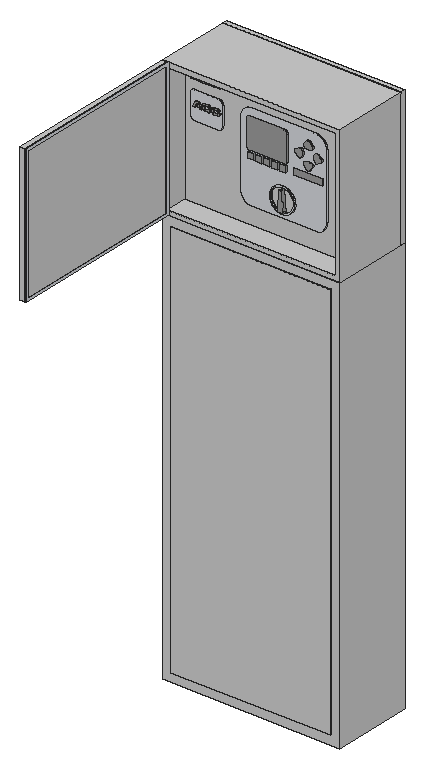
Revit family "HUNTER_ACC-1200 Metal Pedestal", category Electrical Equipment, Revit 2017
Family settings
  Panel Configuration = One Column
  Round Connector Dimension = Use Diameter
  Part Type = Panelboard
  OmniClass Number = 23.35.25.21
  Work Plane-Based = Yes
  Always vertical = Yes
  Cut with Voids When Loaded = No
  Shared = Yes
  Room Calculation Point = No
Parameters (values of type "ACC-1200 with ACC-PED")
  Up [instance] = yes
  URL = "https://www.hunterindustries.com/irrigation-product/controllers/acc"
  Type Image = <None>
  Type Comments = "Hunter’s Flagship Controller"
  Transformer Output = "24VAC, 4.0A"  # constant formula
  Stations = "12 Stations base count expandable to 42 Stations"
  Sensor Input = "4 + Flow"  # constant formula
  Pump/Master Valve Contacts = "2, normally closed"  # constant formula
  Protection Rating = "IP56"
  Power Factor = 1
  Power = Current * Input Voltage  # 240 VA
  Pedestal Material = Hunter® Metal Grey
  Panel Type = "Modular"
  Panel Name [instance] = "ACC with ACC-PED"
  Output Voltage = 24 V
  Number of Sensor Inputs = "4+ Dedicated Flow Input"
  built-in parameter 1140081 [instance] = "Pedestal Mounted Controller"
  Model = "ACC-1200 / ACC-1800 / ACC-2400 / ACC-3000 / ACC-3600 / ACC-4200 with ACC-PED"
  Manufacturer = "Hunter® Industries"
  Keynote = "328423.04"
  Input Voltage = 120 V
  Expansion Module = "A2M-600 (6 Stations plug-in) Expansion Module"
  built-in parameter 1140083 [instance] = "Grey Powder Coated Metal Enclosure with Metal Pedestal"
  Down [instance] = yes
  Description = "12-Station base unit , Pedestal mounted controller, expandable to 42 stations, with Metal enclsoure and pedestal"
  Default Elevation = 1219.2 mm
  Decoders = "Expandable Up to 99 with Decoders"
  Current = if(Input Voltage = 120 V, 2 A, 1 A)  # 2 A
  Assembly Code = "D5090900"
  ACC-1200-SS = no
  ACC-1200 = yes
Types (2, lengths in mm): name | Pedestal Material | Panel Name | Model | built-in parameter 1140083 | Description | ACC-1200-SS | ACC-1200
  ACC-1200 with ACC-PED | Hunter® Metal Grey | "ACC with ACC-PED" | "ACC-1200 / ACC-1800 / ACC-2400 / ACC-3000 / ACC-3600 / ACC-4200 with ACC-PED" | "Grey Powder Coated Metal Enclosure with Metal Pedestal" | "12-Station base unit , Pedestal mounted controller, expandable to 42 stations, with Metal enclsoure and pedestal" | no | yes
  ACC-1200-SS with PED-SS | Hunter® Stainless Steel | "ACC-SS with PED-SS" | "ACC-1200-SS / ACC-1800-SS / ACC- 2400-SS / ACC-3000-SS / ACC-3600-SS / ACC-4200-SS with PED-SS" | "1.45mm Gauge / Corrosion Resistant / Stainless Steel Enclosure with Stainless Steel Pedestal" | "12-Station base unit , Pedestal mounted controller, expandable to 42 stations, with Stainless steel enclosure and pedestal" | yes | no
Reference planes
  plane 1 "Center (Front/Back)": y = 0
  plane 2: z = 0
  plane 3 "Center (Left/Right)": x = 0
Forms (mm)
  Extrusion 1, solid, material "Hunter® Metal Grey" <- "Pedestal Material"
    sketch origin (0, 0, 0) x (1, 0, 0) y (0, 1, 0)
      loop
        line (-197, 0) -> (-197, -178) -> (197, -178) -> (197, 0) -> (-197, 0)
    from 0 to 925
  Extrusion 2, solid, material "Hunter® Metal Grey" <- "Pedestal Material"
    sketch origin (187, -178, 0) x (-1, 0, 0) y (0, 0, -1)
      loop
        line (10, -905) -> (364, -905) -> (364, -20) -> (10, -20) -> (10, -905)
    from 0 to 2
  Extrusion 3, solid
    sketch origin (15, 0, 0) x (1, 0, 0) y (0, 1, 0)
      loop
        circle (-153.688, -89.35) r 12.5
      loop
        circle (-118.688, -89.35) r 12.5
      loop
        circle (-83.688, -89.35) r 12.5
      loop
        circle (46.312, -89.35) r 25
      loop
        circle (116.312, -89.35) r 25
    from -29.534 to 20
Dimensions and locks
  aligned and locked: level to plane 2
Nested families
  nested 1: "Console" at (0, 0, 1076.9) x (1, 0, 0) z (0, -1, 0), type "Console"
    with built-in parameter 1140081 "Wall", Max #1 Pole Breakers 0
  nested 2: "HUNTER ACC SYMBOL" at (0, -100, 0) x (-1, 0, 0) z (0, 0, 1), visible <- "Down", type "SYMBOL"
    with ACC2 no, ACC yes
  nested 3: "HUNTER ACC SYMBOL" at (0, -191.189, 0) x (-1, 0, 0) z (0, 0, 1), visible <- "Up", type "SYMBOL"
    with ACC2 no, ACC yes
Connectors
  cabletrayconduit at (-138.688, -89.35, -29.534), diameter 25
    settings: on Extrusion 3, index 1, connector width 300 mm, connector height 300 mm, connector angle 0.00°, system type 32, placement type 0, profile type 0, connector reference index -1, is primary connector yes, connector utility param no, connector description ""
  cabletrayconduit at (-103.688, -89.35, -29.534), diameter 25
    settings: on Extrusion 3, index 2, connector width 300 mm, connector height 300 mm, connector angle 0.00°, system type 32, placement type 0, profile type 0, connector reference index -1, is primary connector no, connector utility param no, connector description ""
  cabletrayconduit at (-68.688, -89.35, -29.534), diameter 25
    settings: on Extrusion 3, index 3, connector width 300 mm, connector height 300 mm, connector angle 0.00°, system type 32, placement type 0, profile type 0, connector reference index -1, is primary connector no, connector utility param no, connector description ""
  cabletrayconduit at (61.312, -89.35, -29.534), diameter 50
    settings: on Extrusion 3, index 4, connector width 300 mm, connector height 300 mm, connector angle 0.00°, system type 32, placement type 0, profile type 0, connector reference index -1, is primary connector no, connector utility param no, connector description ""
  cabletrayconduit at (131.312, -89.35, -29.534), diameter 50
    settings: on Extrusion 3, index 5, connector width 300 mm, connector height 300 mm, connector angle 0.00°, system type 32, placement type 0, profile type 0, connector reference index -1, is primary connector no, connector utility param no, connector description ""
  electrical at (-138.688, -89.35, -29.534), driven by "Output Voltage", driven by "Power", driven by "Power Factor"
    settings: on Extrusion 3, index 6, voltage 24 V, apparent load 240 VA, apparent load phase1 0 VA, apparent load phase2 0 VA, apparent load phase3 0 VA, power factor 1, load classification "Power", number of poles 1, system type 30, power factor state 1, is connector primary yes, connector utility no, sub classification motor no, connector description "Transformer Input"
  electrical at (-103.688, -89.35, -29.534)
    settings: on Extrusion 3, index 7, voltage 0 V, apparent load 0 VA, apparent load phase1 0 VA, apparent load phase2 0 VA, apparent load phase3 0 VA, power factor 1, load classification "Other", number of poles 1, system type 14, power factor state 1, is connector primary no, connector utility no, sub classification motor no, connector description "Flow"
  electrical at (-68.688, -89.35, -29.534)
    settings: on Extrusion 3, index 8, voltage 0 V, apparent load 0 VA, apparent load phase1 0 VA, apparent load phase2 0 VA, apparent load phase3 0 VA, power factor 1, load classification "Other", number of poles 1, system type 14, power factor state 1, is connector primary no, connector utility no, sub classification motor no, connector description "RC Sensor"
  electrical at (61.312, -89.35, -29.534), driven by "Output Voltage"
    settings: on Extrusion 3, index 9, voltage 24 V, apparent load 7.68 VA, apparent load phase1 0 VA, apparent load phase2 0 VA, apparent load phase3 0 VA, power factor 1, load classification "Other", number of poles 1, system type 30, power factor state 1, is connector primary no, connector utility no, sub classification motor no, connector description "P/M1"
  electrical at (131.312, -89.35, -29.534), driven by "Output Voltage"
    settings: on Extrusion 3, index 10, voltage 24 V, apparent load 7.68 VA, apparent load phase1 0 VA, apparent load phase2 0 VA, apparent load phase3 0 VA, power factor 1, load classification "Other", number of poles 1, system type 30, power factor state 1, is connector primary no, connector utility no, sub classification motor no, connector description "P/M2"
Definition of nested family "Console"
  Parameters (values of type "Console")
    Width = 394 mm
    Voltage = "120"
    URL = "https://www.hunterindustries.com/irrigation-product/controllers/acc"
    Type Comments = "Hunter's Flagship Controller"
    Sensor Inputs = "4 + Flow"
    Pump/Master Valve Contacts = "2, normally closed"
    Protection Rating = "IP56"
    Power factor = 1
    Power = Current * Input Voltage  # 240 VA
    Output Voltage = 24 V
    built-in parameter 1140081 [instance] = "Wall"
    Model = "ACC-1200"
    Max #1 Pole Breakers [instance] = 0
    Material = none
    Manufacturer = "Hunter® Industries"
    Input Voltage = 120 V
    Height = 303.8 mm
    Description = "12-Station base unit controller, expands to 42 stations, metal cabinet"
    Depth = 178 mm
    Default Elevation = 1200 mm
    Current = if(Input Voltage = 120 V, 2 A, 1 A)  # 2 A
    Controller = none
    Assembly Code = "D5090900"
  Reference planes
    plane 1 "Center (Front/Back)": y = 0
    plane 2: z = 0
    plane 3 "Center (Left/Right)": x = 0
  Forms (mm)
    Extrusion 1, solid
      sketch origin (0, 0, 0) x (1, 0, 0) y (0, 1, 0)
        loop
          line (-1219.2, 1219.2) -> (-1219.2, -1219.2) -> (1219.2, -1219.2) -> (1219.2, 1219.2) -> (-1219.2, 1219.2)
      from 0 to -304.8
    Extrusion 2, solid, material <- "Material"
      sketch origin (0, 0, 0) x (1, 0, 0) y (0, 1, 0)
        loop
          line (197, -151.9) -> (197, 151.9) -> (-197, 151.9) -> (-197, -151.9) -> (197, -151.9)
        loop
          line (187, 141.9) -> (-187, 141.9) -> (-187, -141.9) -> (187, -141.9) -> (187, 141.9)
      from 0 to 178 <- "Depth"
    Extrusion 3, solid, material <- "Material"
      sketch origin (0, 0, 0) x (1, 0, 0) y (0, 1, 0)
        loop
          line (-197, 151.9) -> (-197, -151.9) -> (197, -151.9) -> (197, 151.9) -> (-197, 151.9)
      from 0 to 10
    Extrusion 4, solid, material <- "Material"
      sketch origin (0, 0, 178) x (1, 0, 0) y (0, 1, 0)
        loop
          line (187, 141.9) -> (-187, 141.9) -> (-187, -141.9) -> (187, -141.9) -> (187, 141.9)
      from -113.095 to -49.145
    Extrusion 5, solid, material <- "Controller"
      sketch origin (-24.528, 15.224, 128.855) x (1, 0, 0) y (0, 1, 0)
        loop
          line (-148.162, 89.318) -> (-141.618, 89.318) -> (-141.618, 97.641) -> (-140.16, 97.641) -> (-140.16, 89.318) -> (-133.615, 89.318) -> (-133.615, 106.217) -> (-140.16, 106.217) -> (-140.16, 99.319) -> (-141.622, 99.319) -> (-141.622, 106.217) -> (-148.162, 106.217) -> (-148.162, 89.318)
        loop
          line (-132.455, 101.397) -> (-132.455, 92.81)
          arc (-132.455, 92.81) -> (-131.29, 90.203) -> (-128.571, 89.331) r 3.5
          line (-128.571, 89.331) -> (-127.217, 89.331) -> (-127.217, 101.397) -> (-132.455, 101.397)
        loop
          line (-126.091, 89.331) -> (-124.728, 89.331)
          arc (-124.728, 89.331) -> (-122.015, 90.208) -> (-120.854, 92.812) r 3.501
          line (-120.854, 92.812) -> (-120.854, 101.397) -> (-126.091, 101.397) -> (-126.091, 89.331)
        loop
          line (-119.768, 101.444) -> (-119.768, 89.334) -> (-114.533, 89.334) -> (-114.533, 101.444) -> (-119.768, 101.444)
        loop
          line (-113.423, 89.331) -> (-108.087, 89.331) -> (-108.087, 97.879)
          arc (-108.087, 97.879) -> (-109.369, 100.389) -> (-112, 101.397) r 3.935
          line (-112, 101.397) -> (-113.423, 101.397) -> (-113.423, 89.331)
        loop
          line (-108.72, 99.974) -> (-106.862, 99.974) -> (-106.862, 89.331) -> (-101.793, 89.331) -> (-101.793, 99.974) -> (-99.698, 99.974) -> (-99.698, 101.268) -> (-101.793, 101.268) -> (-101.793, 106.2) -> (-108.72, 99.974)
        loop
          line (-95.122, 90.685) -> (-95.122, 101.566)
          arc (-95.122, 101.566) -> (-101.238, 95.449) -> (-95.122, 89.333) r 6.116
          arc (-95.122, 89.333) -> (-91.698, 89.938) -> (-88.69, 91.68) r 9.987
          line (-88.69, 91.68) -> (-88.69, 93.167)
          arc (-88.69, 93.167) -> (-91.615, 91.173) -> (-95.122, 90.685) r 7.764
        loop
          arc (-88.69, 95.33) -> (-89.997, 99.76) -> (-94.263, 101.532) r 5.364
          line (-94.263, 101.532) -> (-94.263, 95.33) -> (-88.69, 95.33)
        loop
          line (-87.937, 89.333) -> (-82.745, 89.333) -> (-82.745, 101.443) -> (-87.937, 101.443) -> (-87.937, 89.333)
        loop
          circle (-79.797, 98.723) r 2.319
        loop
          line (-142.778, 34.224) -> (-138.041, 34.224) -> (-136.8, 36.669) -> (-128.206, 36.669) -> (-126.888, 34.224) -> (-122.171, 34.224) -> (-126.982, 42.979) -> (-131.614, 42.979) -> (-129.791, 39.648) -> (-135.215, 39.648) -> (-132.546, 44.684) -> (-127.921, 44.684) -> (-129.772, 48.051) -> (-135.291, 48.051) -> (-142.778, 34.224)
        loop
          line (-120.845, 44.68) -> (-113.96, 44.652) -> (-109.338, 44.652)
          arc (-109.338, 44.652) -> (-108.26, 44.434) -> (-107.352, 43.816) r 2.777
          line (-107.352, 43.816) -> (-107.352, 42.99) -> (-103.111, 42.99)
          arc (-103.111, 42.99) -> (-105.14, 46.176) -> (-108.325, 48.204) r 8.713
          line (-108.325, 48.204) -> (-115.621, 48.204)
          arc (-115.621, 48.204) -> (-118.75, 47.208) -> (-120.845, 44.68) r 5.836
        loop
          line (-120.969, 42.998) -> (-120.969, 38.552)
          arc (-120.969, 38.552) -> (-118.657, 35.312) -> (-114.876, 34.072) r 6.382
          line (-114.876, 34.072) -> (-108.039, 34.072)
          arc (-108.039, 34.072) -> (-104.932, 35.047) -> (-102.94, 37.624) r 5.437
          line (-102.94, 37.624) -> (-102.94, 39.534) -> (-107.18, 39.534)
          arc (-107.18, 39.534) -> (-107.236, 38.329) -> (-108.214, 37.624) r 1.386
          line (-108.214, 37.624) -> (-109.663, 37.624) -> (-114.188, 37.624)
          arc (-114.188, 37.624) -> (-115.904, 38.334) -> (-116.614, 40.05) r 2.426
          line (-116.614, 40.05) -> (-116.614, 42.998) -> (-120.969, 42.998)
        loop
          line (-100.506, 44.68) -> (-93.621, 44.652) -> (-88.999, 44.652)
          arc (-88.999, 44.652) -> (-87.922, 44.434) -> (-87.013, 43.816) r 2.777
          line (-87.013, 43.816) -> (-87.013, 42.99) -> (-82.773, 42.99)
          arc (-82.773, 42.99) -> (-84.801, 46.176) -> (-87.986, 48.204) r 8.713
          line (-87.986, 48.204) -> (-95.283, 48.204)
          arc (-95.283, 48.204) -> (-98.411, 47.208) -> (-100.506, 44.68) r 5.836
        loop
          line (-100.63, 42.998) -> (-100.63, 38.552)
          arc (-100.63, 38.552) -> (-98.319, 35.312) -> (-94.538, 34.072) r 6.382
          line (-94.538, 34.072) -> (-87.701, 34.072)
          arc (-87.701, 34.072) -> (-84.593, 35.047) -> (-82.601, 37.624) r 5.437
          line (-82.601, 37.624) -> (-82.601, 39.534) -> (-86.841, 39.534)
          arc (-86.841, 39.534) -> (-86.897, 38.329) -> (-87.875, 37.624) r 1.386
          line (-87.875, 37.624) -> (-89.324, 37.624) -> (-93.85, 37.624)
          arc (-93.85, 37.624) -> (-95.565, 38.334) -> (-96.276, 40.05) r 2.426
          line (-96.276, 40.05) -> (-96.276, 42.998) -> (-100.63, 42.998)
      from 0 to 2
    Extrusion 6, solid
      sketch origin (-24.528, 15.224, 128.855) x (1, 0, 0) y (0, 1, 0)
        loop
          arc (-138.044, 68.245) -> (-145.566, 65.13) -> (-148.682, 57.607) r 10.638
          line (-148.682, 57.607) -> (-148.682, 17.081)
          arc (-148.682, 17.081) -> (-145.566, 9.558) -> (-138.044, 6.442) r 10.638
          line (-138.044, 6.442) -> (-87.386, 6.442)
          arc (-87.386, 6.442) -> (-79.863, 9.558) -> (-76.747, 17.081) r 10.638
          line (-76.747, 17.081) -> (-76.747, 57.607)
          arc (-76.747, 57.607) -> (-79.863, 65.13) -> (-87.386, 68.245) r 10.638
          line (-87.386, 68.245) -> (-138.044, 68.245)
      from 0 to 1
    Extrusion 7, solid
      sketch origin (0, 0, 128.855) x (1, 0, 0) y (0, 1, 0)
        loop
          line (104.32, 90.535) -> (-37.31, 90.535)
          arc (-37.31, 90.535) -> (-54.987, 83.213) -> (-62.31, 65.535) r 25
          line (-62.31, 65.535) -> (-62.31, -78.628)
          arc (-62.31, -78.628) -> (-54.987, -96.305) -> (-37.31, -103.628) r 25
          line (-37.31, -103.628) -> (104.32, -103.628)
          arc (104.32, -103.628) -> (121.998, -96.305) -> (129.32, -78.628) r 25
          line (129.32, -78.628) -> (129.32, 65.535)
          arc (129.32, 65.535) -> (121.998, 83.213) -> (104.32, 90.535) r 25
      from 0 to 1
    Extrusion 8, solid
      sketch origin (-2.206, -24.27, 128.855) x (1, 0, 0) y (0, 1, 0)
        loop
          circle (33.505, -42.64) r 27.961
      from 0 to 3
    Extrusion 9, void
      sketch origin (-2.206, -24.27, 128.855) x (0, 1, 0) y (1, 0, 0)
        loop
          circle (-42.64, 33.505) r 25.523
      from -10 to 0
    Extrusion 10, solid, material <- "Controller"
      sketch origin (12.815, -39.437, 128.855) x (1, 0, 0) y (0, 1, 0)
        loop
          line (23.692, -49.283) -> (20.994, -6.523)
          arc (20.994, -6.523) -> (20.578, -5.333) -> (19.604, -4.533) r 2.333
          arc (19.604, -4.533) -> (18.505, -4.516) -> (17.406, -4.533) r 34.018
          arc (17.406, -4.533) -> (16.432, -5.333) -> (16.016, -6.523) r 2.333
          line (16.016, -6.523) -> (13.315, -49.332)
          arc (13.315, -49.332) -> (13.679, -50.344) -> (14.666, -50.771) r 1.354
          line (14.666, -50.771) -> (22.295, -50.771)
          arc (22.295, -50.771) -> (23.315, -50.329) -> (23.692, -49.283) r 1.4
      from 0 to 8
    Extrusion 11, solid, material <- "Controller"
      sketch origin (-19.891, -5.491, 128.855) x (1, 0, 0) y (0, 1, 0)
        loop
          line (-11.518, 8.565) -> (-25.109, 8.565) -> (-25.109, -4.509) -> (-11.518, -4.509) -> (-11.518, 8.565)
        loop
          line (6.372, 8.565) -> (-7.219, 8.565) -> (-7.219, -4.509) -> (6.372, -4.509) -> (6.372, 8.565)
        loop
          line (23.555, 8.565) -> (9.963, 8.565) -> (9.963, -4.509) -> (23.555, -4.509) -> (23.555, 8.565)
        loop
          line (42.158, 8.565) -> (28.567, 8.565) -> (28.567, -4.509) -> (42.158, -4.509) -> (42.158, 8.565)
        loop
          line (59.599, 8.565) -> (46.008, 8.565) -> (46.008, -4.509) -> (59.599, -4.509) -> (59.599, 8.565)
        loop
          line (54.158, 80.576) -> (-20.162, 80.576)
          arc (-20.162, 80.576) -> (-25.516, 78.358) -> (-27.734, 73.003) r 7.573
          line (-27.734, 73.003) -> (-27.734, 20.841)
          arc (-27.734, 20.841) -> (-25.442, 15.308) -> (-19.909, 13.016) r 7.826
          line (-19.909, 13.016) -> (57.266, 13.016)
          arc (57.266, 13.016) -> (60.801, 14.48) -> (62.266, 18.016) r 5
          line (62.266, 18.016) -> (62.266, 72.468)
          arc (62.266, 72.468) -> (59.891, 78.201) -> (54.158, 80.576) r 8.108
        loop
          line (140.703, 11.382) -> (77.38, 11.382) -> (77.38, -1.283) -> (140.703, -1.283) -> (140.703, 11.382)
        loop
          line (112.331, 17.971) -> (118.627, 26.325)
          arc (118.627, 26.325) -> (119.463, 28.825) -> (118.627, 31.325) r 4.154
          arc (118.627, 31.325) -> (109.322, 34.618) -> (100.017, 31.325) r 14.792
          arc (100.017, 31.325) -> (99.181, 28.825) -> (100.017, 26.325) r 4.154
          line (100.017, 26.325) -> (106.313, 17.971)
          arc (106.313, 17.971) -> (109.322, 16.47) -> (112.331, 17.971) r 3.768
        loop
          arc (112.331, 75.967) -> (109.322, 77.468) -> (106.313, 75.967) r 3.768
          line (106.313, 75.967) -> (100.017, 67.613)
          arc (100.017, 67.613) -> (99.181, 65.113) -> (100.017, 62.613) r 4.154
          arc (100.017, 62.613) -> (109.322, 59.32) -> (118.627, 62.613) r 14.792
          arc (118.627, 62.613) -> (119.463, 65.113) -> (118.627, 67.613) r 4.154
          line (118.627, 67.613) -> (112.331, 75.967)
        loop
          arc (138.321, 43.96) -> (139.821, 46.969) -> (138.321, 49.978) r 3.768
          line (138.321, 49.978) -> (129.966, 56.274)
          arc (129.966, 56.274) -> (127.466, 57.11) -> (124.966, 56.274) r 4.154
          arc (124.966, 56.274) -> (121.673, 46.969) -> (124.966, 37.664) r 14.792
          arc (124.966, 37.664) -> (127.466, 36.828) -> (129.966, 37.664) r 4.154
          line (129.966, 37.664) -> (138.321, 43.96)
        loop
          line (80.324, 43.96) -> (88.678, 37.664)
          arc (88.678, 37.664) -> (91.178, 36.828) -> (93.678, 37.664) r 4.154
          arc (93.678, 37.664) -> (96.971, 46.969) -> (93.678, 56.274) r 14.792
          arc (93.678, 56.274) -> (91.178, 57.11) -> (88.678, 56.274) r 4.154
          line (88.678, 56.274) -> (80.324, 49.978)
          arc (80.324, 49.978) -> (78.823, 46.969) -> (80.324, 43.96) r 3.768
      from 0 to 3
    Extrusion 12, solid, material <- "Material"
      sketch origin (0, 0, 0) x (1, 0, 0) y (0, 0, 1)
        loop
          line (-197, 178) -> (-187, 178) -> (-187, 572) -> (-197, 572) -> (-197, 178)
      from -151.9 to 151.9
    Extrusion 13, solid
      sketch origin (-187, 0, 572) x (0, 0, -1) y (0, 1, 0)
        loop
          line (0, -151.9) -> (394, -151.9) -> (394, 151.9) -> (0, 151.9) -> (0, -151.9)
        loop
          line (5, -146.9) -> (389, -146.9) -> (389, 146.9) -> (5, 146.9) -> (5, -146.9)
      from 0 to 4
    Extrusion 14, solid
      sketch origin (0, 0, 0) x (1, 0, 0) y (0, 0, 1)
        loop
          circle (-153.688, 89.35) r 12.5
        loop
          circle (-118.688, 89.35) r 12.5
        loop
          circle (-83.688, 89.35) r 12.5
        loop
          circle (46.312, 89.35) r 25
        loop
          circle (116.312, 89.35) r 25
      from 141.9 to 171.344
  Cuts and joins
    Extrusion 9 cuts Extrusion 4
    Extrusion 9 cuts Extrusion 7
    Extrusion 9 cuts Extrusion 8
  Lines and regions (mm)
    model lines
      curve 1: arc (197, 0, 178) -> (81.6, 0, 456.6) -> (-197, 0, 572) r 394
      curve 2: line (-187, 0, 178) -> (-197, 0, 178)
      curve 3: line (-187, 0, 572) -> (-187, 0, 178)
      curve 4: line (-197, 0, 572) -> (-187, 0, 572)
      curve 5: line (-197, 0, 178) -> (-197, 0, 572)
  Dimensions and locks
    Extrusion 1 to Extrusion 2 = 178 mm
    equal spacing: Extrusion 2 sketch curve, plane 3 "Center (Left/Right)", Extrusion 2 sketch curve
    "Width": Extrusion 2 sketch curve to Extrusion 2 sketch curve
    "Height": Extrusion 2 sketch curve to Extrusion 2 sketch curve
    equal spacing: Extrusion 2 sketch curve, plane 1 "Center (Front/Back)", Extrusion 2 sketch curve
    aligned and locked: plane 2 to Extrusion 1
    aligned and locked: level to Extrusion 1
    aligned and locked: Extrusion 3 sketch curve to Extrusion 2  (x4)
    aligned and locked: Extrusion 4 sketch curve to Extrusion 2  (x4)
    aligned and locked: Extrusion 12 sketch curve to curve 5
    aligned and locked: Extrusion 12 sketch curve to curve 4
    aligned and locked: Extrusion 12 sketch curve to curve 3
    aligned and locked: Extrusion 12 sketch curve to curve 2
  Automatic sketch dimensions
    Extrusion 1 sketch curve to Extrusion 1 sketch curve = 2438.4 mm  (x2)
    Extrusion 5 sketch curve to Extrusion 5 sketch curve = 1.458 mm
    Extrusion 5 sketch curve to Extrusion 5 sketch curve = 0.004 mm
    Extrusion 5 sketch curve to Extrusion 4 = 19.694 mm
    Extrusion 5 sketch curve to Extrusion 5 sketch curve = 6.544 mm  (x2)
    Extrusion 5 sketch curve to Extrusion 5 sketch curve = 1.462 mm
    Extrusion 5 sketch curve to Extrusion 5 sketch curve = 4.736 mm
    Extrusion 5 sketch curve to Extrusion 5 sketch curve = 1.241 mm
    Extrusion 5 sketch curve to Extrusion 5 sketch curve = 1.509 mm
    Extrusion 5 sketch curve to Extrusion 5 sketch curve = 1.585 mm  (x2)
    Extrusion 5 sketch curve to Extrusion 5 sketch curve = 2.745 mm
    Extrusion 5 sketch curve to Extrusion 5 sketch curve = 1.16 mm
    Extrusion 5 sketch curve to Extrusion 5 sketch curve = 0.933 mm
    Extrusion 5 sketch curve to Extrusion 5 sketch curve = 1.822 mm
    Extrusion 5 sketch curve to Extrusion 5 sketch curve = 2.774 mm
    Extrusion 5 sketch curve to Extrusion 5 sketch curve = 3.5 mm
    Extrusion 5 sketch curve to Extrusion 5 sketch curve = 0.383 mm
    Extrusion 5 sketch curve to Extrusion 5 sketch curve = 1.851 mm
    Extrusion 5 sketch curve to Extrusion 5 sketch curve = 1.354 mm
    Extrusion 5 sketch curve to Extrusion 5 sketch curve = 0.939 mm
    Extrusion 5 sketch curve to Extrusion 5 sketch curve = 1.318 mm
    Extrusion 5 sketch curve to Extrusion 5 sketch curve = 1.126 mm
    Extrusion 5 sketch curve to Extrusion 5 sketch curve = 1.364 mm
    Extrusion 5 sketch curve to Extrusion 5 sketch curve = 0.372 mm
    Extrusion 5 sketch curve to Extrusion 5 sketch curve = 4.717 mm
    Extrusion 5 sketch curve to Extrusion 5 sketch curve = 1.203 mm
    Extrusion 5 sketch curve to Extrusion 5 sketch curve = 3.501 mm
    Extrusion 5 sketch curve to Extrusion 5 sketch curve = 0.123 mm  (x2)
    Extrusion 5 sketch curve to Extrusion 5 sketch curve = 1.086 mm
    Extrusion 5 sketch curve to Extrusion 5 sketch curve = 4.354 mm  (x2)
    Extrusion 5 sketch curve to Extrusion 5 sketch curve = 0.993 mm  (x2)
    Extrusion 5 sketch curve to Extrusion 5 sketch curve = 1.128 mm  (x2)
    Extrusion 5 sketch curve to Extrusion 5 sketch curve = 1.738 mm  (x2)
    Extrusion 5 sketch curve to Extrusion 5 sketch curve = 5.235 mm
    Extrusion 5 sketch curve to Extrusion 5 sketch curve = 0.688 mm  (x2)
    Extrusion 5 sketch curve to Extrusion 5 sketch curve = 1.527 mm  (x2)
    Extrusion 5 sketch curve to Extrusion 5 sketch curve = 1.11 mm
    Extrusion 5 sketch curve to Extrusion 5 sketch curve = 1.423 mm
    Extrusion 5 sketch curve to Extrusion 5 sketch curve = 2.888 mm  (x2)
    Extrusion 5 sketch curve to Extrusion 5 sketch curve = 1.638 mm  (x2)
    Extrusion 5 sketch curve to Extrusion 5 sketch curve = 1.963 mm
    Extrusion 5 sketch curve to Extrusion 5 sketch curve = 3.28 mm
    Extrusion 5 sketch curve to Extrusion 5 sketch curve = 1.208 mm  (x2)
    Extrusion 5 sketch curve to Extrusion 5 sketch curve = 1.013 mm  (x2)
    Extrusion 5 sketch curve to Extrusion 5 sketch curve = 0.241 mm  (x2)
    Extrusion 5 sketch curve to Extrusion 5 sketch curve = 0.633 mm
    Extrusion 5 sketch curve to Extrusion 5 sketch curve = 0.174 mm  (x2)
    Extrusion 5 sketch curve to Extrusion 5 sketch curve = 1.986 mm  (x2)
    Extrusion 5 sketch curve to Extrusion 5 sketch curve = 0.86 mm  (x2)
    Extrusion 5 sketch curve to Extrusion 5 sketch curve = 1.858 mm
    Extrusion 5 sketch curve to Extrusion 5 sketch curve = 4.24 mm  (x2)
    Extrusion 5 sketch curve to Extrusion 5 sketch curve = 0.172 mm  (x2)
    Extrusion 5 sketch curve to Extrusion 5 sketch curve = 5.069 mm
    Extrusion 5 sketch curve to Extrusion 4 = 20.476 mm
    Extrusion 5 sketch curve to Extrusion 5 sketch curve = 0 mm  (x8)
    Extrusion 5 sketch curve to Extrusion 5 sketch curve = 2.31 mm
    Extrusion 5 sketch curve to Extrusion 5 sketch curve = 2.095 mm  (x2)
    Extrusion 5 sketch curve to Extrusion 5 sketch curve = 4.576 mm
    Extrusion 5 sketch curve to Extrusion 5 sketch curve = 0.711 mm
    Extrusion 5 sketch curve to Extrusion 5 sketch curve = 0.859 mm
    Extrusion 5 sketch curve to Extrusion 5 sketch curve = 0.276 mm
    Extrusion 5 sketch curve to Extrusion 5 sketch curve = 4.622 mm
    Extrusion 5 sketch curve to Extrusion 5 sketch curve = 5.574 mm
    Extrusion 5 sketch curve to Extrusion 5 sketch curve = 0.753 mm
    Extrusion 5 sketch curve to Extrusion 5 sketch curve = 5.192 mm
    Extrusion 5 sketch curve to Extrusion 5 sketch curve = 2.947 mm
    Extrusion 5 sketch curve to Extrusion 5 sketch curve = 0.655 mm
    Extrusion 5 sketch curve to Extrusion 5 sketch curve = 0.596 mm
    Extrusion 5 sketch curve to Extrusion 5 sketch curve = 0.903 mm
    Extrusion 5 sketch curve to Extrusion 5 sketch curve = 2.334 mm
    Extrusion 5 sketch curve to Extrusion 5 sketch curve = 0.417 mm
    Extrusion 5 sketch curve to Extrusion 5 sketch curve = 2.242 mm
    Extrusion 5 sketch curve to Extrusion 5 sketch curve = 0.725 mm
    Extrusion 5 sketch curve to Extrusion 5 sketch curve = 0.119 mm
    Extrusion 5 sketch curve to Extrusion 5 sketch curve = 2.163 mm
    Extrusion 5 sketch curve to Extrusion 5 sketch curve = 4.65 mm
    Extrusion 5 sketch curve to Extrusion 5 sketch curve = 3.479 mm
    Extrusion 5 sketch curve to Extrusion 5 sketch curve = 1.487 mm
    Extrusion 5 sketch curve to Extrusion 5 sketch curve = 3.478 mm
    Extrusion 5 sketch curve to Extrusion 5 sketch curve = 2.347 mm
    Extrusion 5 sketch curve to Extrusion 5 sketch curve = 0.002 mm
    Extrusion 5 sketch curve to Extrusion 5 sketch curve = 0.003 mm
    Extrusion 5 sketch curve to Extrusion 5 sketch curve = 8.323 mm
    Extrusion 5 sketch curve to Extrusion 5 sketch curve = 41.129 mm
    Extrusion 5 sketch curve to Extrusion 5 sketch curve = 0.152 mm
    Extrusion 5 sketch curve to Extrusion 5 sketch curve = 3.367 mm
    Extrusion 5 sketch curve to Extrusion 5 sketch curve = 3.523 mm  (x2)
    Extrusion 5 sketch curve to Extrusion 5 sketch curve = 3.552 mm
    Extrusion 5 sketch curve to Extrusion 5 sketch curve = 2.282 mm
    Extrusion 5 sketch curve to Extrusion 5 sketch curve = 0.836 mm  (x2)
    Extrusion 5 sketch curve to Extrusion 5 sketch curve = 1.682 mm
    Extrusion 5 sketch curve to Extrusion 5 sketch curve = 0.628 mm
    Extrusion 5 sketch curve to Extrusion 5 sketch curve = 0.826 mm  (x2)
    Extrusion 5 sketch curve to Extrusion 5 sketch curve = 1.705 mm
    Extrusion 5 sketch curve to Extrusion 5 sketch curve = 1.916 mm  (x2)
    Extrusion 5 sketch curve to Extrusion 5 sketch curve = 0.404 mm  (x2)
    Extrusion 5 sketch curve to Extrusion 5 sketch curve = 3.331 mm
    Extrusion 5 sketch curve to Extrusion 5 sketch curve = 3.456 mm
    Extrusion 5 sketch curve to Extrusion 5 sketch curve = 1.91 mm
    Extrusion 5 sketch curve to Extrusion 5 sketch curve = 0.519 mm  (x2)
    Extrusion 5 sketch curve to Extrusion 5 sketch curve = 4.446 mm
    Extrusion 5 sketch curve to Extrusion 5 sketch curve = 0.928 mm
    Extrusion 5 sketch curve to Extrusion 5 sketch curve = 2.98 mm
    Extrusion 5 sketch curve to Extrusion 5 sketch curve = 2.444 mm
    Extrusion 5 sketch curve to Extrusion 5 sketch curve = 4.327 mm
    Extrusion 5 sketch curve to Extrusion 5 sketch curve = 1.294 mm
    Extrusion 5 sketch curve to Extrusion 5 sketch curve = 2.72 mm
    Extrusion 5 sketch curve to Extrusion 5 sketch curve = 0.047 mm
    Extrusion 5 sketch curve to Extrusion 5 sketch curve = 0.034 mm
    Extrusion 5 sketch curve to Extrusion 5 sketch curve = 8.577 mm
    Extrusion 5 sketch curve to Extrusion 5 sketch curve = 1.678 mm
    Extrusion 6 sketch curve to Extrusion 4 = 13.79 mm
    Extrusion 6 sketch curve to Extrusion 6 sketch curve = 10.638 mm  (x3)
    Extrusion 6 sketch curve to Extrusion 6 sketch curve = 50.658 mm
    Extrusion 6 sketch curve to Extrusion 6 sketch curve = 0 mm
    Extrusion 6 sketch curve to Extrusion 4 = 120.233 mm
    Extrusion 6 sketch curve to Extrusion 6 sketch curve = 40.527 mm
    Extrusion 7 sketch curve to Extrusion 4 = 124.69 mm
    Extrusion 7 sketch curve to Extrusion 7 sketch curve = 25 mm  (x3)
    Extrusion 7 sketch curve to Extrusion 4 = 82.68 mm  (x2)
    Extrusion 7 sketch curve to Extrusion 4 = 38.272 mm
    Extrusion 7 sketch curve to Extrusion 4 = 76.365 mm
    Extrusion 10 sketch curve to Extrusion 4 = 53.131 mm
    Extrusion 10 sketch curve to Extrusion 4 = 160.869 mm
    Extrusion 10 sketch curve to Extrusion 10 sketch curve = 1.351 mm
    Extrusion 10 sketch curve to Extrusion 10 sketch curve = 2.7 mm
    Extrusion 10 sketch curve to Extrusion 10 sketch curve = 2.329 mm  (x2)
    Extrusion 10 sketch curve to Extrusion 10 sketch curve = 3.839 mm
    Extrusion 10 sketch curve to Extrusion 10 sketch curve = 0.321 mm
    Extrusion 10 sketch curve to Extrusion 10 sketch curve = 7.628 mm
    Extrusion 10 sketch curve to Extrusion 4 = 53.18 mm
    Extrusion 10 sketch curve to Extrusion 10 sketch curve = 1.397 mm
    Extrusion 10 sketch curve to Extrusion 10 sketch curve = 0.085 mm
    Extrusion 10 sketch curve to Extrusion 10 sketch curve = 10.837 mm
    Extrusion 10 sketch curve to Extrusion 10 sketch curve = 31.864 mm
    Extrusion 10 sketch curve to Extrusion 10 sketch curve = 0 mm
    Extrusion 10 sketch curve to Extrusion 10 sketch curve = 0.147 mm  (x2)
    Extrusion 10 sketch curve to Extrusion 10 sketch curve = 0.938 mm
    Extrusion 11 sketch curve to Extrusion 4 = 139.375 mm
    Extrusion 11 sketch curve to Extrusion 11 sketch curve = 2.625 mm
    Extrusion 11 sketch curve to Extrusion 11 sketch curve = 7.573 mm
    Extrusion 11 sketch curve to Extrusion 11 sketch curve = 7.826 mm
    Extrusion 11 sketch curve to Extrusion 11 sketch curve = 13.591 mm  (x4)
    Extrusion 11 sketch curve to Extrusion 11 sketch curve = 4.299 mm
    Extrusion 11 sketch curve to Extrusion 11 sketch curve = 3.591 mm
    Extrusion 11 sketch curve to Extrusion 11 sketch curve = 5.012 mm
    Extrusion 11 sketch curve to Extrusion 11 sketch curve = 3.85 mm
    Extrusion 11 sketch curve to Extrusion 11 sketch curve = 8.15 mm
    Extrusion 11 sketch curve to Extrusion 11 sketch curve = 11.258 mm
    Extrusion 11 sketch curve to Extrusion 11 sketch curve = 2.333 mm
    Extrusion 11 sketch curve to Extrusion 11 sketch curve = 8.108 mm
    Extrusion 11 sketch curve to Extrusion 11 sketch curve = 17.782 mm
    Extrusion 11 sketch curve to Extrusion 11 sketch curve = 18.058 mm
    Extrusion 11 sketch curve to Extrusion 11 sketch curve = 0 mm  (x10)
    Extrusion 11 sketch curve to Extrusion 11 sketch curve = 1.855 mm  (x4)
    Extrusion 11 sketch curve to Extrusion 11 sketch curve = 0.413 mm  (x4)
    Extrusion 11 sketch curve to Extrusion 11 sketch curve = 8.354 mm  (x3)
    Extrusion 11 sketch curve to Extrusion 11 sketch curve = 2.5 mm  (x10)
    Extrusion 11 sketch curve to Extrusion 11 sketch curve = 11.34 mm  (x4)
    Extrusion 11 sketch curve to Extrusion 11 sketch curve = 3.317 mm  (x10)
    Extrusion 11 sketch curve to Extrusion 11 sketch curve = 6.296 mm  (x4)
    Extrusion 11 sketch curve to Extrusion 11 sketch curve = 3.009 mm  (x6)
    Extrusion 11 sketch curve to Extrusion 4 = 71.423 mm
    Extrusion 11 sketch curve to Extrusion 11 sketch curve = 5.987 mm  (x4)
    Extrusion 11 sketch curve to Extrusion 4 = 79.777 mm
    Extrusion 11 sketch curve to Extrusion 11 sketch curve = 8.84 mm  (x2)
    Extrusion 11 sketch curve to Extrusion 11 sketch curve = 8.586 mm  (x2)
    Extrusion 11 sketch curve to Extrusion 11 sketch curve = 28.372 mm
    Extrusion 11 sketch curve to Extrusion 11 sketch curve = 23.118 mm
    Extrusion 11 sketch curve to Extrusion 11 sketch curve = 14.943 mm
    Extrusion 11 sketch curve to Extrusion 11 sketch curve = 4.451 mm  (x2)
    Extrusion 11 sketch curve to Extrusion 11 sketch curve = 12.665 mm
    Extrusion 11 sketch curve to Extrusion 11 sketch curve = 13.074 mm  (x5)
    Extrusion 11 sketch curve to Extrusion 11 sketch curve = 22.49 mm
    Extrusion 11 sketch curve to Extrusion 11 sketch curve = 2.268 mm
    Extrusion 5 sketch curve to Extrusion 4 = 14.31 mm
    Extrusion 5 sketch curve to Extrusion 5 sketch curve = 4.634 mm
    curve 1 to plane 3 "Center (Left/Right)" = 197 mm
    curve 2 to curve 2 = 10 mm
    level to curve 1 = 178 mm
    curve 3 to curve 1 = 0 mm
    plane 3 "Center (Left/Right)" to curve 1 = 197 mm
    Extrusion 13 sketch curve to Extrusion 12 = 0 mm  (x4)
    Extrusion 13 sketch curve to Extrusion 12 = 5 mm
    Extrusion 12 to Extrusion 13 sketch curve = 5 mm  (x3)
    Extrusion 14 sketch curve to plane 3 "Center (Left/Right)" = 153.688 mm
    Extrusion 14 sketch curve to Extrusion 14 sketch curve = 35 mm  (x2)
    plane 3 "Center (Left/Right)" to Extrusion 14 sketch curve = 46.312 mm
    Extrusion 14 sketch curve to Extrusion 14 sketch curve = 70 mm
    level to Extrusion 14 sketch curve = 89.35 mm  (x2)
    Extrusion 14 sketch curve to Extrusion 14 sketch curve = 0 mm  (x3)
    Extrusion 2 sketch curve to Extrusion 2 sketch curve = 10 mm  (x4)
    radius of Extrusion 5 sketch curve = 2.319 mm
    radius of Extrusion 14 sketch curve = 12.5 mm  (x3)
    radius of Extrusion 14 sketch curve = 25 mm  (x2)
  Connectors
    cabletrayconduit at (-153.688, -171.344, 89.35), diameter 25
      settings: on Extrusion 14, index 2, connector width 300 mm, connector height 300 mm, connector angle 0.00°, system type 32, placement type 0, profile type 0, connector reference index -1, is primary connector yes, connector utility param no, connector description ""
    cabletrayconduit at (-118.688, -171.344, 89.35), diameter 25
      settings: on Extrusion 14, index 3, connector width 300 mm, connector height 300 mm, connector angle 0.00°, system type 32, placement type 0, profile type 0, connector reference index -1, is primary connector no, connector utility param no, connector description ""
    cabletrayconduit at (-83.688, -171.344, 89.35), diameter 25
      settings: on Extrusion 14, index 4, connector width 300 mm, connector height 300 mm, connector angle 0.00°, system type 32, placement type 0, profile type 0, connector reference index -1, is primary connector no, connector utility param no, connector description ""
    cabletrayconduit at (46.312, -171.344, 89.35), diameter 50
      settings: on Extrusion 14, index 5, connector width 300 mm, connector height 300 mm, connector angle 0.00°, system type 32, placement type 0, profile type 0, connector reference index -1, is primary connector no, connector utility param no, connector description ""
    cabletrayconduit at (116.312, -171.344, 89.35), diameter 50
      settings: on Extrusion 14, index 6, connector width 300 mm, connector height 300 mm, connector angle 0.00°, system type 32, placement type 0, profile type 0, connector reference index -1, is primary connector no, connector utility param no, connector description ""
    electrical at (-153.688, -171.344, 89.35), driven by "Input Voltage", driven by "Power", driven by "Power factor"
      settings: on Extrusion 14, index 7, voltage 120 V, apparent load 240 VA, apparent load phase1 0 VA, apparent load phase2 0 VA, apparent load phase3 0 VA, power factor 1, load classification none, number of poles 1, system type 30, power factor state 1, is connector primary yes, connector utility no, sub classification motor no, connector description ""
    electrical at (-118.688, -171.344, 89.35)
      settings: on Extrusion 14, index 8, voltage 0 V, apparent load 0 VA, apparent load phase1 0 VA, apparent load phase2 0 VA, apparent load phase3 0 VA, power factor 1, load classification none, number of poles 1, system type 14, power factor state 1, is connector primary no, connector utility no, sub classification motor no, connector description "Flow"
    electrical at (-83.688, -171.344, 89.35)
      settings: on Extrusion 14, index 9, voltage 0 V, apparent load 0 VA, apparent load phase1 0 VA, apparent load phase2 0 VA, apparent load phase3 0 VA, power factor 1, load classification none, number of poles 1, system type 14, power factor state 1, is connector primary no, connector utility no, sub classification motor no, connector description "RC Sensor"
    electrical at (46.312, -171.344, 89.35)
      settings: on Extrusion 14, index 10, voltage 0 V, apparent load 0 VA, apparent load phase1 0 VA, apparent load phase2 0 VA, apparent load phase3 0 VA, power factor 1, load classification none, number of poles 1, system type 14, power factor state 1, is connector primary no, connector utility no, sub classification motor no, connector description "P/M1"
    electrical at (116.312, -171.344, 89.35)
      settings: on Extrusion 14, index 11, voltage 0 V, apparent load 0 VA, apparent load phase1 0 VA, apparent load phase2 0 VA, apparent load phase3 0 VA, power factor 1, load classification none, number of poles 1, system type 14, power factor state 1, is connector primary no, connector utility no, sub classification motor no, connector description "P/M2"
Definition of nested family "HUNTER ACC SYMBOL"
  Parameters (values of type "SYMBOL")
    ACC2-DECODER = no
    ACC2 = yes
    ACC-99D = no
    ACC = no
  Reference planes
    plane 1 "Center (Front/Back)": y = 0
    plane 2: z = 0
    plane 3 "Center (Left/Right)": x = 0
  Lines and regions (mm)
    detail lines, in view "Ref. Level"
      curve 1: line (155.885, -90, 0) -> (0, 180, 0)
      curve 2: line (0, 180, 0) -> (-155.885, -90, 0)
      curve 3: line (-155.885, -90, 0) -> (155.885, -90, 0)
